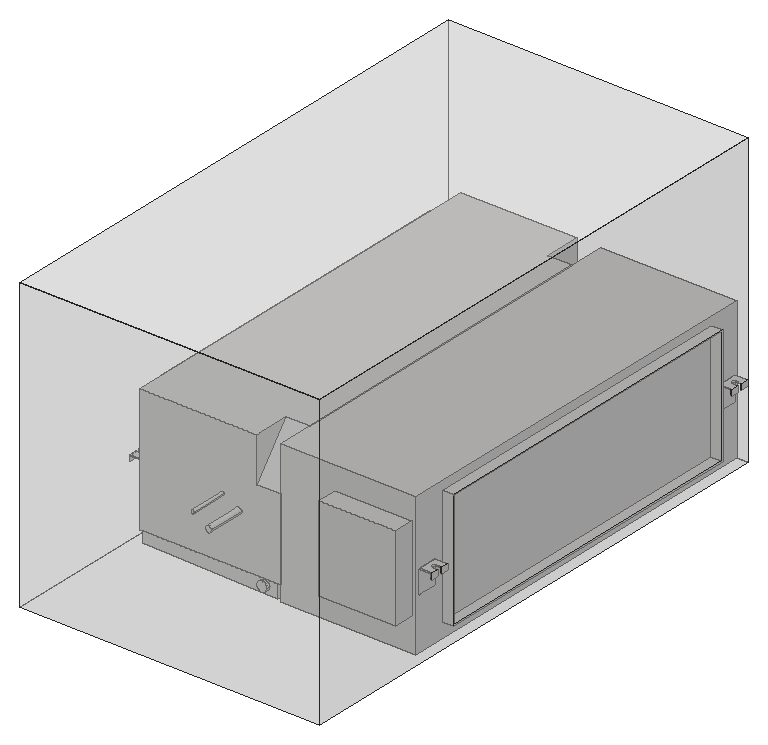
Revit family "outputfile", category 機械設備, Revit 2024
Family settings
  丸型コネクタ寸法 = 半径を使用
  パーツ タイプ = 標準
  OmniClass 番号 = 23.75.10.24.21.27.27
  OmniClass タイトル = Split System Air Conditioning Units
  作業面ベース = いいえ
  常に垂直 = はい
  ロード時にボイドで切り取り = いいえ
  注釈の向きを維持 = いいえ
  共有 = いいえ
  部屋計算ポイント = はい
Parameters (values of type "FDYQ200LCV1")
  製造元 = "Daikin"
  書き出し IFC クラス(タイプ) = "IfcUnitaryEquipmentType"
  定義済み IFC タイプ(タイプ) = "AIRCONDITIONINGUNIT"
  モデル = "FDYQ200LCV1"
  switch_frequency = yes
  lw_suctionflange = 1118 mm
  r_Liquid Pipe Size = Liquid Pipe Size / 2  # 4.75 mm
  r_Gas Pipe Size = Gas Pipe Size / 2  # 9.55 mm
  r_Drain Pipe Size = Drain Pipe Size / 2  # 16.35 mm
  lw_power = 33.5 mm  # constant formula
  lw_dischargeflange = 58 mm  # constant formula
  lh_power = 285 mm  # constant formula
  lh_mountinghole1 = lh_mountinghole + [h***]  # 254 mm
  lh_dischargeflange = 110 mm  # constant formula
  ld_power = 230 mm  # constant formula
  ld_dischargeflange = 70 mm  # constant formula
  connector_voltage = Voltage_50Hz  # 230 V
  connector_powerinput = 6.850 kW
  connector_phase = Phase_50Hz  # 1
  Voltage_comment_50Hz = "220 - 240"
  Voltage_50Hz = 230 V
  Total Heating Capacity [instance] = 0.000 kW
  Supply Air Direction [instance] = yes
  Sound Power Level_H speed (dB) = 72
  Power Input (Heating) = 6.170 kW
  Phase_50Hz = 1
  Nominal Heating Capacity = 22.400 kW
  Minimum External Static Pressure = 50.00 Pa
  Minimum Circuit Amps_50Hz = 6.9 A
  Maximum Fuse Amps_50Hz = 16.0 A
  Maximum External Static Pressure = 250.00 Pa
  Material_Casing = DAIKIN_GalvanizedSteel_Casing_indoorunit
  ld_mountinghole = 972 mm  # constant formula
  lh_gaspipe = 248.5 mm  # constant formula
  lh_mountinghole = 254 mm  # constant formula
  lh_liquidpipe = 216 mm  # constant formula
  lh_drainpipe = 30 mm  # constant formula
  lh_antena = Height - lh_mountinghole + 1 mm  # 217 mm
  ld_drainpipe = 413.5 mm  # constant formula
  ld_liquidpipe = 275 mm  # constant formula
  ld_gaspipe = 327.5 mm  # constant formula
  lw_mountinghole = 1248 mm
  h*** = 0 mm  # constant formula
  lw_liquidpipe = 123.75 mm
  lw_gaspipe = 124.55 mm
  lw_drainpipe = 10 mm  # constant formula
  Width = 1400 mm
  Version = "ver.1.0"
  Unit Type = "Duct"
  Unit Mass Weight = 79.00 kg
  Unit Designation [instance] = ""
  Uniclass2015Version = "Products v1.30"
  Uniclass2015Title = "Split coil room air conditioning units"
  Uniclass2015Code = "Pr_70_65_03_86"
  Total Cooling Capacity [instance] = 0.000 kW
  Sound Pressure Level_M speed (dBA) = 40.5
  Sound Pressure Level_L speed (dBA) = 37
  Sound Pressure Level_H speed (dBA) = 44
  Series = "SkyAir_Fan Coil Unit"
  Sensible Cooling Capacity [instance] = 0.000 kW
  SA Duct Size Width = 1118 mm
  SA Duct Size Height = 350 mm
  Refrigerant Type = "R410A"
  RA Duct Size Width = 1118 mm
  RA Duct Size Height = 392.5 mm
  Power Input (Cooling) = 6.080 kW
  Option Accessory 3 [instance] = ""
  Option Accessory 2 [instance] = ""
  Option Accessory 1 [instance] = ""
  Nominal Cooling Capacity = 20.000 kW
  Minimum Airflow = 0.00 m³/h
  Median Airflow = 0.00 m³/h
  Maximum Airflow = 4320.00 m³/h
  Load Classification = HVAC
  Liquid Pipe Size = 9.5 mm
  Link_Nested Family [instance] = ""
  IfcVersion = ""
  IfcExportType = "AIRCONDITIONINGUNIT"
  IfcExportAs = "IfcUnitaryEquipmentType"
  Height = 470 mm
  Heating Entering Wet Bulb Temperature [instance] = -273.15 °C
  Heating Entering Dry Bulb Temperature [instance] = -273.15 °C
  Heating Ambient Wet Bulb Temperature [instance] = -273.15 °C
  Heating Ambient Dry Bulb Temperature [instance] = -273.15 °C
  Heat Exchanger Type = "Cross Fin Coil"
  Gas Pipe Size = 19.1 mm
  Frequency_50Hz = 50 Hz
  Fan Type = "Sirocco Fan"
  Fan Drive = "-"
  FCU Tag No. [instance] = ""
  Drain Pipe Size = 32.7 mm
  Design Supply Airflow [instance] = 0.00 m³/h
  Design Return Airflow [instance] = 0.00 m³/h
  Design External Static Pressure [instance] = 0.00 Pa
  Depth = 997 mm
  既定の高さ = 0 mm
  Cooling Entering Wet Bulb Temperature [instance] = 0.00 °C
  Cooling Entering Dry Bulb Temperature [instance] = 0.00 °C
  Cooling Ambient Wet Bulb Temperature [instance] = 0.00 °C
  Cooling Ambient Dry Bulb Temperature [instance] = 0.00 °C
  Clearance visibility [instance] = yes
  Clearance Top = 500 mm
  Clearance Right = 0 mm
  Clearance Rear = 0 mm
  Clearance Left = 0 mm
  Clearance Front = 450 mm
  Clearance Bottom = 0 mm
Reference planes
  plane 1 "Center (Front/Back)": y = 0
  plane 2 "h": z = 0
  plane 3 "Center (Left/Right)": x = 0
  plane 4 "Back": y = 666.5
  plane 5: y = -666.5
  plane 6 "Left": x = -498.5
  plane 7 "Reight": x = 498.5
  plane 8 "Top": z = 0
  plane 9 "Bottom": z = -470
  plane 10 "ld_mountinghole1": y = 624
  plane 11: y = 666.5
  plane 12: y = -1116.5
  plane 13: x = -498.5
  plane 14: x = 498.5
  plane 15: z = 500
  plane 16: z = -470
  plane 17: x = 7.75
  plane 18: z = -420
  plane 19 "ld_mountinghole2": y = -624
  plane 20: x = -486
  plane 21: x = 486
  plane 22: x = -459.25
  plane 23: x = 459.25
  plane 24 "Front": y = -733.5
  plane 25 "lh_mountinghole": z = -216
  plane 26: y = -529.5
  plane 27: z = -33
  plane 28: y = -559
  plane 29: z = -419
  plane 30: x = -184.25
  plane 31: x = -131.75
  plane 32: x = -45.75
  plane 33 "lh_liquidpipe": z = -216
  plane 34: z = -248.5
  plane 35: z = -440
  plane 36: y = -790.25
  plane 37: y = -791.05
  plane 38: y = -676.5
  plane 39: y = -700
  plane 40: x = 229.25
Forms (mm)
  Extrusion 1, solid, material "DAIKIN_GalvanizedSteel_Casing_indoorunit" <- "Material_Casing"
    sketch origin (12.25, -160, 0) x (1, 0, 0) y (0, 1, 0)
      loop
        line (-4.5, 826.5) -> (-4.5, -506.5) -> (447, -506.5) -> (447, 826.5) -> (-4.5, 826.5)
    from -470 to 0
  Extrusion 2, solid, material "DAIKIN_GalvanizedSteel_Casing_indoorunit" <- "Material_Casing"
    sketch origin (0, 0, 0) x (1, 0, 0) y (0, 1, 0)
      loop
        line (-459.25, 666.5) -> (-459.25, -666.5) -> (7.75, -666.5) -> (7.75, 666.5) -> (-459.25, 666.5)
    from -420 to 0
  Extrusion 3, void
    sketch origin (7.75, 1196.25, 1200) x (0, -1, 0) y (0, 0, 1)
      loop
        line (1862.75, -1200) -> (1742.75, -1200) -> (1862.75, -1350) -> (1862.75, -1200)
    from 0 to 80
  Extrusion 4, void
    sketch origin (7.75, -1196.25, 1200) x (0, 1, 0) y (0, 0, -1)
      loop
        line (1862.75, 1200) -> (1862.75, 1350) -> (1742.75, 1200) -> (1862.75, 1200)
    from 0 to 80
  Extrusion 5, solid, material "DAIKIN_GalvanizedSteel_Casing_indoorunit" <- "Material_Casing"
    sketch origin (0, -900, 0) x (1, 0, 0) y (0, 0, 1)
      loop
        line (190.25, -76) -> (190.25, -361) -> (444.25, -361) -> (444.25, -76) -> (190.25, -76)
    from -233.5 to -166.5
  Extrusion 6, solid, material "DAIKIN_GalvanizedSteel_Casing_indoorunit" <- "Material_Casing"
    sketch origin (0, 0, 0) x (1, 0, 0) y (0, 0, 1)
      loop
        line (-449.25, -420) -> (-449.25, -457) -> (-2.25, -467) -> (-2.25, -420) -> (-449.25, -420)
    from -666.5 to 666.5
  Extrusion 7, solid, material "DAIKIN_GalvanizedSteel_Casing_indoorunit" <- "Material_Casing"
    sketch origin (-1374.64, -666.5, 1200) x (-1, 0, 0) y (0, 0, 1)
      loop
        circle (-1190.39, -1416) r 4.75
    from 0 to -123.75
  Extrusion 8, solid, material "DAIKIN_GalvanizedSteel_Casing_indoorunit" <- "Material_Casing"
    sketch origin (-1374.64, -666.5, 1200) x (-1, 0, 0) y (0, 0, 1)
      loop
        circle (-1242.89, -1448.5) r 9.55
    from 0 to -124.55
  Extrusion 9, solid, material "DAIKIN_GalvanizedSteel_Casing_indoorunit" <- "Material_Casing"
    sketch origin (-1374.64, -666.5, 1200) x (-1, 0, 0) y (0, 0, 1)
      loop
        circle (-1328.89, -1640) r 16.35
    from 0 to -10
Cuts and joins
  Extrusion 3, Extrusion 4 cuts Extrusion 1
  Extrusion 3, Extrusion 4 cuts Extrusion 2
Dimensions and locks
  "Height": plane 8 "Top" to plane 9 "Bottom"
  equal spacing: plane 6 "Left", plane 3 "Center (Left/Right)", plane 7 "Reight"
  "Clearance Left": plane 13 to plane 6 "Left"
  "Clearance Right": plane 7 "Reight" to plane 14
  "Clearance Rear": plane 11 to plane 4 "Back"
  "Clearance Front": plane 5 to plane 12
  "Clearance Top": plane 15 to plane 8 "Top"
  "Clearance Bottom": plane 9 "Bottom" to plane 16
  equal spacing: plane 19 "ld_mountinghole2", plane 1 "Center (Front/Back)", plane 10 "ld_mountinghole1"
  "lw_mountinghole": plane 19 "ld_mountinghole2" to plane 10 "ld_mountinghole1"
  equal spacing: plane 20, plane 3 "Center (Left/Right)", plane 21
  "ld_mountinghole": plane 20 to plane 21
  "Depth": plane 6 "Left" to plane 7 "Reight"
  locked: plane 22 to plane 23 at 918.5
  equal spacing: plane 22, plane 3 "Center (Left/Right)", plane 23
  locked: plane 8 "Top" to plane 18 at 420
  "Width": plane 4 "Back" to plane 24 "Front"
  plane 4 "Back" to plane 5 = 1333 mm
  equal spacing: plane 4 "Back", plane 1 "Center (Front/Back)", plane 5
  "lh_mountinghole": plane 25 "lh_mountinghole" to plane 9 "Bottom"
  locked: plane 5 to plane 24 "Front" at 67
  locked: Extrusion 5 sketch curve to Extrusion 5 sketch curve at 254
  locked: Extrusion 5 sketch curve to Extrusion 5 sketch curve at 285
  locked: plane 8 "Top" to Extrusion 5 sketch curve at 76
  locked: plane 7 "Reight" to Extrusion 5 sketch curve at 54.25
  locked: plane 22 to plane 17 at 467
  locked: plane 26 to plane 5 at 137
  locked: plane 8 "Top" to plane 27 at 33
  locked: plane 28 to plane 5 at 107.5
  locked: plane 29 to plane 9 "Bottom" at 51
  "ld_liquidpipe": plane 22 to plane 30
  "ld_gaspipe": plane 22 to plane 31
  "ld_drainpipe": plane 22 to plane 32
  "lh_liquidpipe": plane 8 "Top" to plane 33 "lh_liquidpipe"
  "lh_gaspipe": plane 8 "Top" to plane 34
  "lh_drainpipe": plane 35 to plane 9 "Bottom"
  "lw_liquidpipe": plane 5 to plane 36
  "lw_gaspipe": plane 5 to plane 37
  "lw_drainpipe": plane 5 to plane 38
  "lw_power": plane 5 to plane 39
  "ld_power": plane 40 to plane 23
  "r_Liquid Pipe Size": radius of Extrusion 7 sketch curve
  "r_Gas Pipe Size": radius of Extrusion 8 sketch curve
  "r_Drain Pipe Size": radius of Extrusion 9 sketch curve
  aligned and locked: level to plane 2 "h"
  aligned and locked: plane 8 "Top" to Extrusion 1
  aligned and locked: Extrusion 1 to plane 9 "Bottom"
  aligned and locked: plane 10 "ld_mountinghole1" to nested 2
  aligned and locked: nested 4 to plane 12
  aligned and locked: plane 13 to nested 4
  aligned and locked: plane 14 to nested 4
  aligned and locked: nested 4 to plane 13
  aligned and locked: plane 11 to nested 4
  aligned and locked: plane 15 to nested 4
  aligned and locked: plane 16 to nested 4
  aligned and locked: Extrusion 1 to plane 17
  aligned and locked: Extrusion 2 sketch curve to plane 4 "Back"
  aligned and locked: Extrusion 2 sketch curve to plane 17
  aligned and locked: plane 5 to Extrusion 2 sketch curve
  aligned and locked: nested 1 to plane 19 "ld_mountinghole2"
  aligned and locked: plane 10 "ld_mountinghole1" to nested 7
  aligned and locked: plane 20 to nested 7
  aligned and locked: nested 6 to plane 19 "ld_mountinghole2"
  aligned and locked: plane 20 to nested 6
  aligned and locked: nested 5 to plane 21
  aligned and locked: nested 5 to plane 19 "ld_mountinghole2"
  aligned and locked: plane 10 "ld_mountinghole1" to nested 8
  aligned and locked: nested 8 to plane 21
  aligned and locked: plane 19 "ld_mountinghole2" to nested 9
  aligned and locked: nested 10 to plane 10 "ld_mountinghole1"
  aligned and locked: nested 3 to plane 3 "Center (Left/Right)"
  aligned and locked: plane 1 "Center (Front/Back)" to nested 3
  aligned and locked: level to plane 8 "Top"
  aligned and locked: Extrusion 2 to plane 22
  aligned and locked: plane 23 to Extrusion 1
  aligned and locked: plane 4 "Back" to Extrusion 1
  aligned and locked: Extrusion 1 to plane 5
  aligned and locked: Extrusion 2 to plane 18
  aligned and locked: plane 8 "Top" to Extrusion 2
  aligned and locked: nested 10 to plane 22
  aligned and locked: nested 9 to plane 22
  aligned and locked: plane 23 to nested 2
  aligned and locked: plane 23 to nested 1
  aligned and locked: plane 25 "lh_mountinghole" to nested 10
  aligned and locked: plane 25 "lh_mountinghole" to nested 9
  aligned and locked: plane 25 "lh_mountinghole" to nested 2
  aligned and locked: plane 25 "lh_mountinghole" to nested 1
  aligned and locked: plane 5 to Extrusion 5
  aligned and locked: Extrusion 5 to plane 24 "Front"
  aligned and locked: nested 11 to plane 22
  aligned and locked: plane 6 "Left" to nested 11
  aligned and locked: plane 26 to nested 11
  aligned and locked: plane 27 to nested 11
  aligned and locked: plane 23 to nested 12
  aligned and locked: nested 12 to plane 7 "Reight"
  aligned and locked: plane 28 to nested 12
  aligned and locked: nested 12 to plane 29
  aligned and locked: plane 4 "Back" to Extrusion 6
  aligned and locked: Extrusion 6 to plane 5
  aligned and locked: plane 33 "lh_liquidpipe" to Extrusion 7 sketch curve
  aligned and locked: plane 30 to Extrusion 7 sketch curve
  aligned and locked: plane 5 to Extrusion 7
  aligned and locked: Extrusion 7 to plane 36
  aligned and locked: plane 34 to Extrusion 8 sketch curve
  aligned and locked: plane 31 to Extrusion 8 sketch curve
  aligned and locked: Extrusion 8 to plane 37
  aligned and locked: plane 35 to Extrusion 9 sketch curve
  aligned and locked: plane 32 to Extrusion 9 sketch curve
  aligned and locked: plane 5 to Extrusion 8
  aligned and locked: plane 5 to Extrusion 9
  aligned and locked: Extrusion 9 to plane 38
  aligned and locked: plane 30 to nested 13
  aligned and locked: nested 13 to plane 36
  aligned and locked: nested 13 to plane 33 "lh_liquidpipe"
  aligned and locked: plane 31 to nested 14
  aligned and locked: nested 14 to plane 37
  aligned and locked: nested 14 to plane 34
  aligned and locked: plane 32 to nested 15
  aligned and locked: nested 15 to plane 38
  aligned and locked: nested 15 to plane 35
  aligned and locked: Extrusion 5 to nested 16
  aligned and locked: plane 40 to nested 16
  aligned and locked: nested 16 to plane 39
  aligned and locked: Extrusion 6 sketch curve to plane 18
Automatic sketch dimensions
  Extrusion 1 sketch curve to plane 5 = 0 mm
  Extrusion 1 sketch curve to plane 17 = 0 mm
  Extrusion 1 sketch curve to plane 23 = 0 mm
  Extrusion 1 sketch curve to plane 4 "Back" = 0 mm
  Extrusion 2 sketch curve to plane 22 = 0 mm
  Extrusion 3 sketch curve to level = 0 mm
  Extrusion 3 sketch curve to plane 5 = 0 mm
  plane 19 "ld_mountinghole2" to Extrusion 3 sketch curve = 77.5 mm
  plane 25 "lh_mountinghole" to Extrusion 3 sketch curve = 66 mm
  Extrusion 4 sketch curve to level = 0 mm
  Extrusion 4 sketch curve to plane 4 "Back" = 0 mm
  plane 10 "ld_mountinghole1" to Extrusion 4 sketch curve = 77.5 mm
  plane 25 "lh_mountinghole" to Extrusion 4 sketch curve = 66 mm
  plane 22 to Extrusion 6 sketch curve = 10 mm
  Extrusion 6 sketch curve to plane 3 "Center (Left/Right)" = 2.25 mm
  plane 9 "Bottom" to Extrusion 6 sketch curve = 3 mm
  plane 9 "Bottom" to Extrusion 6 sketch curve = 13 mm
Nested families
  nested 1: "daikin_hangerfixture_FDYQ-LCV1" at (459.25, -624, -216), type "daikin_hangerfixture_FDYQ-LCV1"
  nested 2: "daikin_hangerfixture_FDYQ-LCV1" at (459.25, 624, -216), type "daikin_hangerfixture_FDYQ-LCV1"
  nested 3: "daikin_△_symbolicline" at (0, 0, 470) x (0, -1, 0) z (0, 0, 1), built-in parameter 1001364 <- "Height", visible <- "Supply Air Direction", type "daikin_△_symbolicline"
    with length 300 mm
  nested 4: "daikin_clearancespace" at (0, -225, 15.119), visible <- "Clearance visibility", show <- "Clearance visibility", Link_Nested Family <- "Link_Nested Family", type "daikin_clearancespace"
    with width 997 mm, show yes, height 970 mm, depth 1783 mm, Link_Nested Family ""
  nested 5: "daikin_mountinghole" at (486, -624, -470), l_antenna <- "lh_antena", Link_Nested Family <- "Link_Nested Family", h_mountinghole <- "lh_mountinghole1", type "daikin_mountinghole"
    with show yes, l_antenna 217 mm, h_mountinghole 254 mm, Link_Nested Family ""
  nested 6: "daikin_mountinghole" at (-486, -624, -470), l_antenna <- "lh_antena", Link_Nested Family <- "Link_Nested Family", h_mountinghole <- "lh_mountinghole1", type "daikin_mountinghole"
    with show yes, l_antenna 217 mm, h_mountinghole 254 mm, Link_Nested Family ""
  nested 7: "daikin_mountinghole" at (-486, 624, -470), h_mountinghole <- "lh_mountinghole1", l_antenna <- "lh_antena", Link_Nested Family <- "Link_Nested Family", type "daikin_mountinghole"
    with show yes, l_antenna 217 mm, h_mountinghole 254 mm, Link_Nested Family ""
  nested 8: "daikin_mountinghole" at (486, 624, -470), l_antenna <- "lh_antena", Link_Nested Family <- "Link_Nested Family", h_mountinghole <- "lh_mountinghole1", type "daikin_mountinghole"
    with show yes, l_antenna 217 mm, h_mountinghole 254 mm, Link_Nested Family ""
  nested 9: "daikin_hangerfixture_FDYQ-LCV1_2" at (-459.25, -624, -216) x (-1, 0, 0) z (0, 0, 1), type "daikin_hangerfixture_FDYQ-LCV1_2"
  nested 10: "daikin_hangerfixture_FDYQ-LCV1_2" at (-459.25, 624, -216) x (-1, 0, 0) z (0, 0, 1), type "daikin_hangerfixture_FDYQ-LCV1_2"
  nested 11: "daikin_ductflange_FDYQ-LCV1" at (-498.5, 29.5, -383) x (0, 1, 0) z (0, 0, 1), width <- "lw_suctionflange", material <- "Material_Casing", type "daikin_ductflange_FDYQ-LCV1"
    with width 1118 mm, material DAIKIN_GalvanizedSteel_Casing_indoorunit, height 350 mm, depth 39.25 mm
  nested 12: "daikin_ductflange_FDYQ-LCV1" at (459.25, 0, -419) x (0, 1, 0) z (0, 0, 1), width <- "lw_suctionflange", material <- "Material_Casing", type "daikin_ductflange_FDYQ-LCV1"
    with width 1118 mm, material DAIKIN_GalvanizedSteel_Casing_indoorunit, height 392.5 mm, depth 39.25 mm
  nested 13: "daikin_connector_rotate2" at (-184.25, -666.5, -216), length <- "lw_liquidpipe", radius <- "r_Liquid Pipe Size", type "daikin_connector_rotate2"
    with radius 4.75 mm, length 123.75 mm, angle_vertical 90.00°, show_face no
  nested 14: "daikin_connector_rotate2" at (-131.75, -666.5, -248.5), length <- "lw_gaspipe", radius <- "r_Gas Pipe Size", type "daikin_connector_rotate2"
    with radius 9.55 mm, length 124.55 mm, angle_vertical 90.00°, show_face no
  nested 15: "daikin_connector_rotate2" at (-45.75, -666.5, -440), length <- "lw_drainpipe", radius <- "r_Drain Pipe Size", type "daikin_connector_rotate2"
    with radius 16.35 mm, length 10 mm, angle_vertical 90.00°, show_face no
  nested 16: "daikin_connector_rotate2" at (229.25, -700, -76) x (1, 0, 0) z (0, -1, 0), length <- "lh_power", type "daikin_connector_rotate2"
    with radius 10 mm, length 285 mm, angle_vertical 90.00°, show_face no
Connectors
  hvac at (-498.5, 29.5, -208), driven by "SA Duct Size Height", driven by "SA Duct Size Width"
    settings: on nested 11, index 1, duct flow 0.00 m³/h, flow factor 0, pres drop 0.00 Pa, loss coef 0, conn angle 0.00°, conn width 1118.0 mm, conn height 350.0 mm, conn diameter 609.6 mm, duct sys type 1, conn prof type 1, flow config 0, flow direction 2, loss method 4, conn ref index -1, conn util no, is conn primary yes, conn desc "SA Duct"
  hvac at (498.5, 0, -222.75), driven by "RA Duct Size Height", driven by "RA Duct Size Width"
    settings: on nested 12, index 2, duct flow 0.00 m³/h, flow factor 0, pres drop 0.00 Pa, loss coef 0, conn angle 0.00°, conn width 1118.0 mm, conn height 392.5 mm, conn diameter 609.6 mm, duct sys type 2, conn prof type 1, flow config 0, flow direction 1, loss method 4, conn ref index -1, conn util no, is conn primary no, conn desc "RA Duct"
  piping at (-184.25, -790.25, -216), diameter 9.5, driven by "r_Liquid Pipe Size"
    settings: on nested 13, index 3, connector inside diameter 609.6 mm, connector length 0 mm, flow factor 0, pipe flow 0.00 m³/h, pressure drop 0.0 Pa, fitting loss kfactor 0, connector angle 0.00°, fixture units 0, engagement length 0 mm, angle of deflection 0.00°, flow configuration 1, flow direction 1, fitting loss method 0, system type 29, joint type 0, gender type 0, connector reference index -1, connector utility 0, adjustable connector no, is connector primary yes, connector description "Refrigerant Liquid Piping"
  piping at (-131.75, -791.05, -248.5), diameter 19.1, driven by "r_Gas Pipe Size"
    settings: on nested 14, index 4, connector inside diameter 609.6 mm, connector length 0 mm, flow factor 0, pipe flow 0.00 m³/h, pressure drop 0.0 Pa, fitting loss kfactor 0, connector angle 0.00°, fixture units 0, engagement length 0 mm, angle of deflection 0.00°, flow configuration 1, flow direction 2, fitting loss method 0, system type 29, joint type 0, gender type 0, connector reference index -1, connector utility 0, adjustable connector no, is connector primary no, connector description "Refrigerant Gas Piping"
  piping at (-45.75, -676.5, -440), diameter 32.7, driven by "r_Drain Pipe Size"
    settings: on nested 15, index 5, connector inside diameter 609.6 mm, connector length 0 mm, flow factor 0, pipe flow 0.00 m³/h, pressure drop 0.0 Pa, fitting loss kfactor 0, connector angle 0.00°, fixture units 0, engagement length 0 mm, angle of deflection 0.00°, flow configuration 1, flow direction 2, fitting loss method 4, system type 16, joint type 0, gender type 0, connector reference index -1, connector utility 0, adjustable connector no, is connector primary no, connector description "Condensate Drain Piping"
  electrical at (229.25, -700, -361), driven by "Load Classification", driven by "connector_voltage", driven by "connector_phase", driven by "connector_powerinput"
    settings: on nested 16, index 6, voltage 230 V, apparent load 6850 VA, apparent load phase1 0 VA, apparent load phase2 0 VA, apparent load phase3 0 VA, power factor 1, load classification "HVAC", number of poles 1, system type 30, power factor state 1, is connector primary yes, connector utility no, sub classification motor no, connector description "Power Supply"
Definition of nested family "daikin_hangerfixture_FDYQ-LCV1"
  Parameters (values of type "daikin_hangerfixture_FDYQ-LCV1")
    width = 44 mm
    material = none
    height = 80 mm
    depth = 65 mm
    Default Elevation = 0 mm
  Reference planes
    plane 1 "Center (Front/Back)": y = 0
    plane 2: z = 0
    plane 3 "Center (Left/Right)": x = 0
    plane 4: y = 417.146
    plane 5: z = -2
    plane 6: z = -65
    plane 7: z = -12
    plane 8: x = 44
    plane 9: y = 32.5
    plane 10: y = -32.5
    plane 11: y = -36
    plane 12: y = 36
    plane 13: z = -80
    plane 14: x = 2
    plane 15: x = 14
    plane 16: x = 26
    plane 17: x = 42
  Forms (mm)
    Extrusion 1, solid, material <- "material"
      sketch origin (0, 0, 0) x (1, 0, 0) y (0, 1, 0)
        loop
          line (0, 32.5) -> (0, -32.5) -> (44, -32.5) -> (44, -7.5) -> (26.75, -7.5)
          arc (26.75, -7.5) -> (19.25, 0) -> (26.75, 7.5) r 7.5
          line (26.75, 7.5) -> (44, 7.5) -> (44, 32.5) -> (0, 32.5)
      from -2 to 0
    Extrusion 2, solid, material <- "material"
      sketch origin (0, 0, 0) x (0, 1, 0) y (0, 0, 1)
        loop
          line (32.5, -75.411) -> (32.5, 0) -> (-32.5, 0) -> (-32.5, -75.411)
          arc (-32.5, -75.411) -> (-31.156, -78.656) -> (-27.911, -80) r 4.589
          line (-27.911, -80) -> (27.911, -80)
          arc (27.911, -80) -> (31.156, -78.656) -> (32.5, -75.411) r 4.589
      from 0 to 2
    Extrusion 3, solid, material <- "material"
      sketch origin (0, 0, 0) x (0, 1, 0) y (0, 0, 1)
        loop
          line (-7.5, -17.007) -> (-7.5, 0) -> (-32.5, 0) -> (-32.5, -17.007)
          arc (-32.5, -17.007) -> (-31.623, -19.123) -> (-29.507, -20) r 2.993
          line (-29.507, -20) -> (-10.493, -20)
          arc (-10.493, -20) -> (-8.377, -19.123) -> (-7.5, -17.007) r 2.993
        loop
          arc (7.5, -17.007) -> (8.377, -19.123) -> (10.493, -20) r 2.993
          line (10.493, -20) -> (29.507, -20)
          arc (29.507, -20) -> (31.623, -19.123) -> (32.5, -17.007) r 2.993
          line (32.5, -17.007) -> (32.5, 0) -> (7.5, 0) -> (7.5, -17.007)
      from 44 to 42
  Cuts and joins
    joined: Extrusion 1, Extrusion 2, Extrusion 3
  Dimensions and locks
    "width": plane 3 "Center (Left/Right)" to plane 8
    "depth": plane 10 to plane 9
    equal spacing: plane 10, plane 1 "Center (Front/Back)", plane 9
    locked: plane 11 to plane 10 at 3.5
    locked: plane 9 to plane 12 at 3.5
    "height": level to plane 13
    locked: plane 14 to plane 3 "Center (Left/Right)" at 2
    plane 3 "Center (Left/Right)" to plane 15 = 14 mm
    locked: plane 15 to plane 16 at 12
    plane 3 "Center (Left/Right)" to Extrusion 1 = 44 mm
    locked: plane 2 to plane 5 at 2
    locked: plane 8 to plane 17 at 2
    aligned and locked: level to plane 2
    aligned and locked: level to Extrusion 1
    aligned and locked: Extrusion 1 to plane 5
    aligned and locked: Extrusion 1 sketch curve to plane 3 "Center (Left/Right)"
    aligned and locked: Extrusion 1 sketch curve to plane 8  (x2)
    aligned and locked: level to Extrusion 2 sketch curve
    aligned and locked: plane 14 to Extrusion 2
    aligned and locked: Extrusion 3 sketch curve to level
    aligned and locked: level to Extrusion 3 sketch curve
    aligned and locked: plane 9 to Extrusion 1 sketch curve
    aligned and locked: Extrusion 1 sketch curve to plane 10
    aligned and locked: plane 13 to Extrusion 2 sketch curve
    aligned and locked: plane 8 to cut or joined group of Extrusion 1, Extrusion 2, Extrusion 3
    aligned and locked: cut or joined group of Extrusion 1, Extrusion 2, Extrusion 3 to plane 17
  Automatic sketch dimensions
    plane 9 to Extrusion 2 sketch curve = 4.589 mm
    Extrusion 2 sketch curve to plane 10 = 4.589 mm
    Extrusion 2 sketch curve to Extrusion 2 sketch curve = 4.589 mm
    Extrusion 2 sketch curve to plane 9 = 0 mm
    plane 10 to Extrusion 3 sketch curve = 0 mm
    Extrusion 3 sketch curve to plane 7 = 8 mm  (x2)
    Extrusion 3 sketch curve to plane 10 = 2.993 mm
    Extrusion 3 sketch curve to plane 7 = 5.007 mm  (x2)
    plane 1 "Center (Front/Back)" to Extrusion 3 sketch curve = 10.493 mm
    Extrusion 3 sketch curve to plane 1 "Center (Front/Back)" = 7.5 mm
    plane 9 to Extrusion 3 sketch curve = 2.993 mm
    Extrusion 3 sketch curve to plane 9 = 0 mm
    plane 1 "Center (Front/Back)" to Extrusion 1 sketch curve = 0 mm
    plane 16 to Extrusion 1 sketch curve = 0.75 mm
    Extrusion 1 sketch curve to plane 1 "Center (Front/Back)" = 7.5 mm
Definition of nested family "daikin_clearancespace"
  Parameters (values of type "daikin_clearancespace")
    Description = "daikin_clearancespace"
    width [instance] = 1823.963 mm
    show [instance] = yes
    material = none
    height [instance] = 1359.762 mm
    depth [instance] = 880 mm
    Default Elevation = 0 mm
    Link_Nested Family [instance] = ""
  Reference planes
    plane 1 "Center (Front/Back)": y = 0
    plane 2 "Center (Elevation)": z = -0.119
    plane 3 "Center (Left/Right)": x = 0
    plane 4: y = 440
    plane 5: y = -440
    plane 6 "Right": x = 911.982
    plane 7 "Left": x = -911.982
    plane 8 "Top": z = 679.762
    plane 9 "Bottom": z = -680
  Forms (mm)
    Extrusion 1, solid, material <- "material", visible <- "show"
      sketch origin (0, 0, 0) x (1, 0, 0) y (0, 1, 0)
        loop
          line (-911.982, 440) -> (-911.982, -440) -> (911.982, -440) -> (911.982, 440) -> (-911.982, 440)
      from -680 to 679.762
  Lines and regions (mm)
    symbolic lines, visible <- "show"
      curve 1: line (911.982, 440, 0) -> (-911.982, 440, 0)
      curve 2: line (-911.982, 440, 0) -> (-911.982, -440, 0)
      curve 3: line (-911.982, -440, 0) -> (911.982, -440, 0)
      curve 4: line (911.982, -440, 0) -> (911.982, 440, 0)
      curve 5: line (911.982, 0, 679.762) -> (-911.982, 0, 679.762)
      curve 6: line (911.982, 0, -680) -> (911.982, 0, 679.762)
      curve 7: line (-911.982, 0, -680) -> (911.982, 0, -680)
      curve 8: line (-911.982, 0, 679.762) -> (-911.982, 0, -680)
      curve 9: line (0, 440, 679.762) -> (0, -440, 679.762)
      curve 10: line (0, -440, 679.762) -> (0, -440, -680)
      curve 11: line (0, 440, -680) -> (0, 440, 679.762)
      curve 12: line (0, -440, -680) -> (0, 440, -680)
  Dimensions and locks
    "width": plane 7 "Left" to plane 6 "Right"
    "depth": plane 4 to plane 5
    "height": plane 8 "Top" to plane 9 "Bottom"
    equal spacing: plane 7 "Left", plane 3 "Center (Left/Right)", plane 6 "Right"
    equal spacing: plane 4, plane 1 "Center (Front/Back)", plane 5
    equal spacing: plane 8 "Top", plane 2 "Center (Elevation)", plane 9 "Bottom"
    aligned and locked: level to plane 2 "Center (Elevation)"
    aligned and locked: Extrusion 1 sketch curve to plane 4
    aligned and locked: plane 7 "Left" to Extrusion 1 sketch curve
    aligned and locked: Extrusion 1 sketch curve to plane 5
    aligned and locked: Extrusion 1 sketch curve to plane 6 "Right"
    aligned and locked: plane 8 "Top" to Extrusion 1
    aligned and locked: curve 1 to Extrusion 1
    aligned and locked: curve 2 to Extrusion 1
    aligned and locked: curve 3 to Extrusion 1
    aligned and locked: curve 4 to Extrusion 1
    aligned and locked: curve 5 to Extrusion 1
    aligned and locked: curve 6 to Extrusion 1
    aligned and locked: curve 7 to Extrusion 1
    aligned and locked: curve 8 to Extrusion 1
    aligned and locked: curve 9 to Extrusion 1
    aligned and locked: curve 10 to Extrusion 1
    aligned and locked: curve 11 to Extrusion 1
    aligned and locked: curve 12 to Extrusion 1
    aligned and locked: Extrusion 1 to plane 9 "Bottom"
Definition of nested family "daikin_hangerfixture_FDYQ-LCV1_2"
  Parameters (values of type "daikin_hangerfixture_FDYQ-LCV1_2")
    width = 44 mm
    material = none
    height = 204 mm
    depth = 65 mm
    Default Elevation = 0 mm
  Reference planes
    plane 1 "Center (Front/Back)": y = 0
    plane 2: z = 0
    plane 3 "Center (Left/Right)": x = 0
    plane 4: y = 417.146
    plane 5: z = -2
    plane 6: z = -65
    plane 7: z = -12
    plane 8: x = 44
    plane 9: y = 32.5
    plane 10: y = -32.5
    plane 11: y = -36
    plane 12: y = 36
    plane 13: z = -204
    plane 14: x = 2
    plane 15: x = 14
    plane 16: x = 26
    plane 17: x = 42
  Forms (mm)
    Extrusion 1, solid, material <- "material"
      sketch origin (0, 0, 0) x (1, 0, 0) y (0, 1, 0)
        loop
          line (0, 32.5) -> (0, -32.5) -> (44, -32.5) -> (44, -7.5) -> (26.75, -7.5)
          arc (26.75, -7.5) -> (19.25, 0) -> (26.75, 7.5) r 7.5
          line (26.75, 7.5) -> (44, 7.5) -> (44, 32.5) -> (0, 32.5)
      from -2 to 0
    Extrusion 2, solid, material <- "material"
      sketch origin (0, 0, 0) x (0, 1, 0) y (0, 0, 1)
        loop
          line (32.5, -199.411) -> (32.5, 0) -> (-32.5, 0) -> (-32.5, -199.411)
          arc (-32.5, -199.411) -> (-31.156, -202.656) -> (-27.911, -204) r 4.589
          line (-27.911, -204) -> (27.911, -204)
          arc (27.911, -204) -> (31.156, -202.656) -> (32.5, -199.411) r 4.589
      from 0 to 2
    Extrusion 3, solid, material <- "material"
      sketch origin (0, 0, 0) x (0, 1, 0) y (0, 0, 1)
        loop
          line (-7.5, -17.007) -> (-7.5, 0) -> (-32.5, 0) -> (-32.5, -17.007)
          arc (-32.5, -17.007) -> (-31.623, -19.123) -> (-29.507, -20) r 2.993
          line (-29.507, -20) -> (-10.493, -20)
          arc (-10.493, -20) -> (-8.377, -19.123) -> (-7.5, -17.007) r 2.993
        loop
          arc (7.5, -17.007) -> (8.377, -19.123) -> (10.493, -20) r 2.993
          line (10.493, -20) -> (29.507, -20)
          arc (29.507, -20) -> (31.623, -19.123) -> (32.5, -17.007) r 2.993
          line (32.5, -17.007) -> (32.5, 0) -> (7.5, 0) -> (7.5, -17.007)
      from 44 to 42
  Cuts and joins
    joined: Extrusion 1, Extrusion 2, Extrusion 3
  Dimensions and locks
    "width": plane 3 "Center (Left/Right)" to plane 8
    "depth": plane 10 to plane 9
    equal spacing: plane 10, plane 1 "Center (Front/Back)", plane 9
    locked: plane 11 to plane 10 at 3.5
    locked: plane 9 to plane 12 at 3.5
    "height": level to plane 13
    locked: plane 14 to plane 3 "Center (Left/Right)" at 2
    plane 3 "Center (Left/Right)" to plane 15 = 14 mm
    locked: plane 15 to plane 16 at 12
    locked: plane 2 to plane 5 at 2
    locked: plane 8 to plane 17 at 2
    aligned and locked: level to plane 2
    aligned and locked: level to Extrusion 1
    aligned and locked: Extrusion 1 to plane 5
    aligned and locked: Extrusion 1 sketch curve to plane 3 "Center (Left/Right)"
    aligned and locked: Extrusion 1 sketch curve to plane 8  (x2)
    aligned and locked: level to Extrusion 2 sketch curve
    aligned and locked: plane 14 to Extrusion 2
    aligned and locked: Extrusion 3 sketch curve to level
    aligned and locked: level to Extrusion 3 sketch curve
    aligned and locked: plane 9 to Extrusion 1 sketch curve
    aligned and locked: Extrusion 1 sketch curve to plane 10
    aligned and locked: plane 13 to Extrusion 2 sketch curve
    aligned and locked: plane 8 to cut or joined group of Extrusion 1, Extrusion 2, Extrusion 3
    aligned and locked: cut or joined group of Extrusion 1, Extrusion 2, Extrusion 3 to plane 17
  Automatic sketch dimensions
    plane 9 to Extrusion 2 sketch curve = 4.589 mm
    Extrusion 2 sketch curve to plane 10 = 4.589 mm
    Extrusion 2 sketch curve to Extrusion 2 sketch curve = 4.589 mm
    Extrusion 2 sketch curve to plane 9 = 0 mm
    plane 10 to Extrusion 3 sketch curve = 0 mm
    Extrusion 3 sketch curve to plane 7 = 8 mm  (x2)
    Extrusion 3 sketch curve to plane 10 = 2.993 mm
    Extrusion 3 sketch curve to plane 7 = 5.007 mm  (x2)
    plane 1 "Center (Front/Back)" to Extrusion 3 sketch curve = 10.493 mm
    Extrusion 3 sketch curve to plane 1 "Center (Front/Back)" = 7.5 mm
    plane 9 to Extrusion 3 sketch curve = 2.993 mm
    Extrusion 3 sketch curve to plane 9 = 0 mm
    plane 1 "Center (Front/Back)" to Extrusion 1 sketch curve = 0 mm
    plane 16 to Extrusion 1 sketch curve = 0.75 mm
    Extrusion 1 sketch curve to plane 1 "Center (Front/Back)" = 7.5 mm
Definition of nested family "daikin_ductflange_FDYQ-LCV1"
  Parameters (values of type "daikin_ductflange_FDYQN-LCV1")
    width [instance] = 918 mm
    material [instance] = none
    height [instance] = 350 mm
    depth [instance] = 39.25 mm
    Default Elevation = 0 mm
  Reference planes
    plane 1 "Center (Front/Back)": y = 0
    plane 2: z = 0
    plane 3 "Center (Left/Right)": x = 0
    plane 4: y = -39.25
    plane 5: x = -459
    plane 6: x = 459
    plane 7 "Top": z = 350
    plane 8 "Center (Elevation)": z = 175
  Forms (mm)
    Extrusion 1, solid, material <- "material"
      sketch origin (0, 0, 0) x (1, 0, 0) y (0, 0, 1)
        loop
          line (-459, 350) -> (-459, 0) -> (459, 0) -> (459, 350) -> (-459, 350)
        loop
          line (-457, 348) -> (-457, 2) -> (457, 2) -> (457, 348) -> (-457, 348)
      from 0 to 39.25
  Dimensions and locks
    "height": plane 7 "Top" to plane 2
    "width": plane 5 to plane 6
    equal spacing: plane 5, plane 3 "Center (Left/Right)", plane 6
    "depth": plane 1 "Center (Front/Back)" to plane 4
    equal spacing: plane 7 "Top", plane 8 "Center (Elevation)", plane 2
    locked: plane 7 "Top" to Extrusion 1 sketch curve at 2
    locked: Extrusion 1 sketch curve to level at 2
    locked: Extrusion 1 sketch curve to plane 5 at 2
    locked: plane 6 to Extrusion 1 sketch curve at 2
    aligned and locked: level to plane 2
    aligned and locked: Extrusion 1 sketch curve to plane 7 "Top"
    aligned and locked: plane 5 to Extrusion 1 sketch curve
    aligned and locked: Extrusion 1 sketch curve to plane 6
    aligned and locked: plane 2 to Extrusion 1 sketch curve
    aligned and locked: Extrusion 1 to plane 4
Definition of nested family "daikin_△_symbolicline"
  Parameters (values of type "daikin_△_symbolicline")
    length [instance] = 200 mm
    Default Elevation = 0 mm
  Reference planes
    plane 1 "Center (Front/Back)": y = 0
    plane 2: z = 0
    plane 3 "Center (Left/Right)": x = 0
  Lines and regions (mm)
    symbolic lines
      curve 1: line (0, -173.205, 0) -> (100, 0, 0)
      curve 2: line (100, 0, 0) -> (-100, 0, 0)
      curve 3: line (-100, 0, 0) -> (0, -173.205, 0)
  Dimensions and locks
    equal spacing: curve 3, plane 3 "Center (Left/Right)", curve 2
    "length": curve 3 to curve 2
    "length": curve 3 to curve 3
    "length": curve 1 to curve 1
    aligned and locked: level to plane 2
    aligned and locked: curve 2 to plane 1 "Center (Front/Back)"
    aligned and locked: plane 3 "Center (Left/Right)" to curve 3
Definition of nested family "daikin_mountinghole"
  Parameters (values of type "daikin_mountinghole")
    Default Elevation = 1219.2 mm
    Type Comments = "mountinghole"
    show [instance] = yes
    material = none
    l_centerline = 100 mm
    l_antenna [instance] = 100 mm
    h_mountinghole [instance] = 0 mm
    d_circle = 30 mm
    Link_Nested Family [instance] = ""
  Reference planes
    plane 1 "Center (Front/Back)": y = 0
    plane 2: z = 0
    plane 3 "Center (Left/Right)": x = 0
    plane 4: y = 50
    plane 5: x = -50
    plane 6: x = 50
    plane 7: y = -50
    plane 8 "h_mountinghole": z = 0
    plane 9: z = 100
  Lines and regions (mm)
    model lines, detail levels fine
      curve 1: circle (0, 0, 0) r 15 normal (0, 0, 1)
      curve 2: line (-50, 0, 0) -> (50, 0, 0)
      curve 3: line (0, 50, 0) -> (0, -50, 0)
    symbolic lines, detail levels fine
      curve 4: circle (0, 0, 0) r 15 normal (0, 0, 1)
      curve 5: line (-50, 0, 0) -> (50, 0, 0)
      curve 6: line (0, 50, 0) -> (0, -50, 0)
    model lines
      curve 7: line (0, 0, 100) -> (0, 0, 0)
  Dimensions and locks
    equal spacing: plane 4, plane 1 "Center (Front/Back)", plane 7
    "l_centerline": plane 4 to plane 7
    equal spacing: plane 5, plane 3 "Center (Left/Right)", plane 6
    "l_centerline": plane 5 to plane 6
    "l_antenna": plane 9 to plane 8 "h_mountinghole"
    "h_mountinghole": plane 8 "h_mountinghole" to plane 2
    "d_circle": diameter of curve 1
    "d_circle": diameter of curve 4
    aligned and locked: level to plane 2
    aligned and locked: plane 1 "Center (Front/Back)" to curve 1
    aligned and locked: plane 3 "Center (Left/Right)" to curve 1
    aligned and locked: plane 1 "Center (Front/Back)" to curve 2
    aligned and locked: curve 3 to plane 3 "Center (Left/Right)"
    aligned and locked: plane 6 to curve 2
    aligned and locked: plane 5 to curve 2
    aligned and locked: plane 4 to curve 3
    aligned and locked: plane 7 to curve 3
    aligned and locked: plane 1 "Center (Front/Back)" to curve 4
    aligned and locked: plane 3 "Center (Left/Right)" to curve 4
    aligned and locked: plane 6 to curve 5
    aligned and locked: plane 5 to curve 5
    aligned and locked: plane 1 "Center (Front/Back)" to curve 5
    aligned and locked: plane 4 to curve 6
    aligned and locked: plane 7 to curve 6
    aligned and locked: curve 6 to plane 3 "Center (Left/Right)"
    aligned and locked: curve 7 to plane 3 "Center (Left/Right)"
    aligned and locked: plane 9 to curve 7
    aligned and locked: plane 8 "h_mountinghole" to curve 7
Definition of nested family "daikin_connector_rotate2"
  Parameters (values of type "daikin_connector_rotate2")
    show_face = yes
    radius [instance] = 10 mm
    length [instance] = 600 mm
    d_surface = 10 mm
    angle_vertical [instance] = 90.00°
    Default Elevation = 0 mm
  Reference planes
    plane 1 "Center (Front/Back)": y = 0
    plane 2: z = 0
    plane 3 "Center (Left/Right)": x = 0
  Forms (mm)
    Extrusion 1, solid, visible <- "show_face"
      sketch origin (0, -600, 0) x (1, 0, 0) y (0, 0, 1)
        loop
          circle (0, 0) r 10
      from 0 to -10
  Lines and regions (mm)
    reference lines
      curve 1: line (0, 0, 0) -> (0, -600, 0)
    symbolic lines
      curve 2: circle (0, 0, 0) r 5 normal (0, 0, 1)
    model lines, visible <- "show_face"
      curve 3: line (0, 0, 0) -> (0, -600, 0)
  Dimensions and locks
    "length": curve 1 to curve 1
    "length": curve 3 to curve 3
    "d_surface": Extrusion 1 to Extrusion 1
    "radius": radius of Extrusion 1 sketch curve
    "angle_vertical": angle curve 1 to plane 1 "Center (Front/Back)"
    "angle_vertical": angle curve 3 to plane 1 "Center (Front/Back)"
    aligned and locked: level to plane 2
    aligned and locked: plane 1 "Center (Front/Back)" to curve 1
    aligned and locked: plane 2 to curve 1
    aligned and locked: plane 1 "Center (Front/Back)" to curve 2
    aligned and locked: plane 3 "Center (Left/Right)" to curve 2
    aligned and locked: plane 1 "Center (Front/Back)" to curve 3
    aligned and locked: plane 2 to curve 3
    aligned and locked: Extrusion 1 to Extrusion 1
  Automatic sketch dimensions
    Extrusion 1 sketch curve to level = 0 mm
    Extrusion 1 sketch curve to plane 3 "Center (Left/Right)" = 0 mm
    radius of curve 2 = 5 mm
